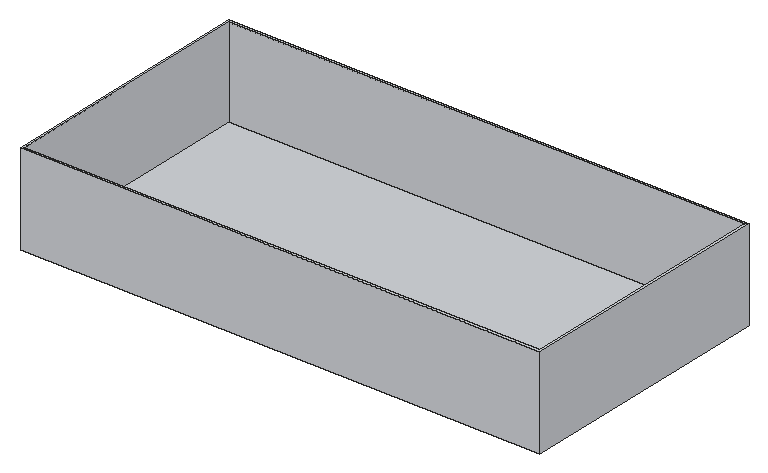
Revit family "Panelboard_600A-800A_Cable_Spreader-empty-UK-en", category Electrical Equipment, host Face, Revit 2020
Family settings
  Host = Face
  Panel Configuration = Two Columns, Circuits Across
  Round Connector Dimension = Use Diameter
  Part Type = Panelboard
  Cut with Voids When Loaded = No
  Shared = No
  Room Calculation Point = No
Parameters (values of type "Surface mounted P2XC W900 H450 D158 0 Modular spacings - JF806E")
  Width Control [instance] = if([HG000006 - Flush mounted], if([EF000846 - Built-in width] > min_whd, [EF000846 - Built-in width], min_whd), if([EF000008 - Width] > min_whd, ([EF000008 - Width]), min_whd))  # 900 mm
  Void Depth [instance] = if([HG000006 - Flush mounted], Depth Control, 1 mm)  # 1 mm
  Type Comments = [HG000003 - Range]  # "Panelboards"
  System Height [instance] = Height Control - 2 * [HG000005 - Thickness]  # 444 mm
  Model = [HG000004 - Manufacturer reference]  # "JF806E"
  HG000017 - Distance between poles = 18 mm
  HG000016 - Door 3d visibility [instance] = yes
  HG000015 - Clearance visibility [instance] = no
  HG000014 - Door on the right [instance] = yes
  HG000013 - Door on the left [instance] = not([HG000014 - Door on the right])  # no
  HG000012 - Door swing angle [instance] = 45.00°
  HG000011 - Empty rows from bottom = no
  HG000005 - Thickness = 3 mm  # constant formula
  Arrow Offset [instance] = Depth Control / 8  # 19.75 mm
  Arrow Height [instance] = Depth Control - Arrow Offset  # 138.25 mm
  Host Offset [instance] = if([HG000006 - Flush mounted], 0 mm, [EF000049 - Depth])  # 158 mm
  min_whd [instance] = (2 * [HG000005 - Thickness]) + 1 mm  # 7 mm
  Manufacturer = "Hager"  # constant formula
  Height Control [instance] = if([HG000006 - Flush mounted], if([EF000332 - Built-in height] > min_whd, [EF000332 - Built-in height], min_whd), if([EF000040 - Height] > min_whd, ([EF000040 - Height]), min_whd))  # 450 mm
  HG000010 - Asymmetric doors = no
  HG000009 - Double swing door = no
  HG000008 - Number of empty rows = 0
  HG000007 - Number of empty columns = 0
  HG000006 - Flush mounted = no
  HG000004 - Manufacturer reference = "JF806E"
  HG000003 - Range = "Panelboards"
  HG000002 - With door or cover = no
  HG000001 - Number of columns = 0
  Flush Mounted - Door Frame Width [instance] = if(([EF000040 - Height] - [EF000332 - Built-in height]) > 0 mm, if([HG000006 - Flush mounted], [EF000040 - Height] - [EF000332 - Built-in height], 0 mm), 0 mm)  # 0 mm
  EF015941 - Signal passing door = no
  EF015777 - Neutral terminal block = no
  EF015776 - Earthing terminal block = no
  EF009212 - Cover model = ""
  EF006306 - With lock = no
  EF006244 - Transparent cover/door = no
  EF005474 - Degree of protection (IP) = "EV009848 - IP2XC"
  EF004462 - Type of closure = "EV001412 - Cylinder"
  EF002950 - Width in number of modular spacings = 0
  EF001596 - Material housing = "EV000179 - Steel"
  EF001134 - DIN-rail = no
  EF001131 - Internal depth = 0 mm
  EF001088 - Extension possible = no
  EF001062 - EMC-version = no
  EF000846 - Built-in width = 0 mm
  EF000339 - Type of cover = "EV004216 - Door"
  EF000332 - Built-in height = 0 mm
  EF000266 - Number of rows = 0
  EF000218 - Built-in depth = 0 mm
  EF000118 - With mounting plate = no
  EF000116 - RAL-number = ""
  EF000049 - Depth = 158 mm
  EF000040 - Height = 450 mm
  EF000008 - Width = 900 mm
  EF000007 - Colour = "EV000154 - Other"
  EF000003 - Mounting method = "EV000384 - Surface mounted (plaster)"
  Depth Control [instance] = if([HG000006 - Flush mounted], if([EF000218 - Built-in depth] > 0 mm, [EF000218 - Built-in depth], 1 mm), if([EF000049 - Depth] > 0 mm, ([EF000049 - Depth]), 1 mm))  # 158 mm
  Default Elevation = 0 mm
Types (2, lengths in mm): name | System Height | Model | Height Control | HG000004 - Manufacturer reference | EF001088 - Extension possible | EF000040 - Height
  Surface mounted P2XC W900 H300 D158 0 Modular spacings - JF805E | 294 | "JF805E" | 300 | "JF805E" | yes | 300
  Surface mounted P2XC W900 H450 D158 0 Modular spacings - JF806E | 444 | "JF806E" | 450 | "JF806E" | no | 450
Reference planes
  plane 1 "Center (Front/Back)": y = 0
  plane 2: z = 0
  plane 3 "Center (Left/Right)": x = 0
  plane 4: z = 158
  plane 5: y = 3
  plane 6: z = 153
  plane 7: y = 225
  plane 8: y = 0
  plane 9: y = 450
  plane 10: z = 0
  plane 11: x = -450
  plane 12: x = 450
  plane 13: x = 447
  plane 14: x = -447
  plane 15: y = 447
  plane 16: z = 3
  plane 17: z = 155
  plane 18: z = -1
  plane 19: z = 155
Forms (mm)
  Extrusion 1, solid
    sketch origin (-583.045, 0, 1219.2) x (-1, 0, 0) y (0, 0, 1)
      loop
        line (-133.045, -1061.2) -> (-1033.045, -1061.2) -> (-1033.045, -1219.2) -> (-133.045, -1219.2) -> (-133.045, -1061.2)
    from 0 to 450 <- "Height Control"
  Extrusion 2, void
    sketch origin (-381.607, -4572, 158) x (0, -1, 0) y (-1, 0, 0)
      loop
        line (-5019, 65.393) -> (-5019, -828.607) -> (-4575, -828.607) -> (-4575, 65.393) -> (-5019, 65.393)
    from 0 to 155
  Extrusion 3, void
    sketch origin (0, 0, 0) x (1, 0, 0) y (0, 1, 0)
      loop
        line (-450, 0) -> (450, 0) -> (450, 450) -> (-450, 450) -> (-450, 0)
    from -1 to 1
  Extrusion 4, solid, detail levels coarse+medium
    sketch origin (-381.607, -4572, 158) x (-1, 0, 0) y (0, -1, 0)
      loop
        line (65.393, -5019) -> (65.393, -4575) -> (-828.607, -4575) -> (-828.607, -5019) -> (65.393, -5019)
    from 0 to -3
Cuts and joins
  Extrusion 2 cuts Extrusion 1
Dimensions and locks
  plane 4 to plane 6 = 5 mm
  "Host Offset": plane 4 to host face
  "Flush Mounted - Door Frame Width": plane 1 "Center (Front/Back)" to plane 8
  "HG000005 - Thickness": plane 5 to plane 8
  locked: connector elem to plane 3 "Center (Left/Right)"
  "Height Control": plane 9 to plane 8
  equal spacing: plane 9, plane 7, plane 8
  locked: connector elem to plane 7
  "Depth Control": plane 4 to plane 10
  "HG000005 - Thickness": plane 11 to plane 14
  "HG000005 - Thickness": plane 12 to plane 13
  equal spacing: plane 11, plane 3 "Center (Left/Right)", plane 12
  "Width Control": plane 11 to plane 12
  "Arrow Offset": nested 4 to plane 10
  "HG000005 - Thickness": plane 9 to plane 15
  "HG000005 - Thickness": plane 16 to plane 10
  "HG000005 - Thickness": plane 4 to plane 17
  "Void Depth": plane 2 to plane 18
  "HG000005 - Thickness": plane 4 to plane 19
  aligned and locked: plane 2 to host face
  aligned and locked: level to host face
  aligned and locked: plane 3 "Center (Left/Right)" to nested 2
  aligned and locked: nested 2 to plane 4
  aligned and locked: nested 2 to plane 8
  aligned and locked: nested 1 to plane 6
  aligned and locked: nested 1 to plane 5
  aligned and locked: nested 4 to plane 11
  aligned and locked: nested 3 to plane 4
  aligned and locked: Extrusion 1 sketch curve to plane 12
  aligned and locked: Extrusion 1 sketch curve to plane 11
  aligned and locked: nested 3 to plane 10
  aligned and locked: plane 10 to Extrusion 1 sketch curve
  aligned and locked: Extrusion 2 sketch curve to plane 5
  aligned and locked: Extrusion 2 sketch curve to plane 15
  aligned and locked: Extrusion 2 sketch curve to plane 14
  aligned and locked: Extrusion 2 sketch curve to plane 13
  aligned and locked: plane 11 to Extrusion 3 sketch curve
  aligned and locked: plane 9 to Extrusion 3 sketch curve
  aligned and locked: Extrusion 3 sketch curve to plane 8
  aligned and locked: plane 12 to Extrusion 3 sketch curve
  aligned and locked: nested 3 to plane 12
  aligned and locked: Extrusion 3 to plane 18
  aligned and locked: Extrusion 2 to plane 16
  aligned and locked: Extrusion 1 sketch curve to plane 4
  aligned and locked: Extrusion 4 to plane 17
  aligned and locked: Extrusion 4 sketch curve to plane 15
  aligned and locked: Extrusion 4 sketch curve to plane 13
  aligned and locked: Extrusion 4 sketch curve to plane 14
  aligned and locked: Extrusion 4 sketch curve to plane 5
Automatic sketch dimensions
  host sketch curve to host sketch curve = 1469.727 mm
  host sketch curve to host sketch curve = 1434.803 mm
Nested families
  nested 1: "Hager_Enclosure_System" at (0, 3, 153) x (1, 0, 0) z (0, 1, 0), Depth <- "HG000005 - Thickness", Height <- "System Height", Width <- "EF000008 - Width", Border <- "HG000005 - Thickness", Flush_Mounted <- "HG000006 - Flush mounted", Built-in_Width <- "EF000846 - Built-in width", Row_Module_Multiplicator <- "EF002950 - Width in number of modular spacings", Total_No_Empty_Rows <- "HG000008 - Number of empty rows", Total_No_Rows <- "EF000266 - Number of rows", Empty_Columns <- "HG000007 - Number of empty columns", Width_Control <- "Width Control", Empty_Rows_From_Bottom <- "HG000011 - Empty rows from bottom", Distance_Between_Poles <- "HG000017 - Distance between poles", Rows_Count <- "EF000266 - Number of rows", Columns_Count <- "HG000001 - Number of columns", type "Hager_Enclosure_System", detail levels fine
    with Width_Control 900 mm, Width 900 mm, Total_No_Rows 0, Total_No_Empty_Rows 0, Total_No_Columns 1, System_Width 894 mm, Rows_Count 0, Rows_Column 0, Row_Module_Multiplicator 0, Panel_4 no, Panel_3 no, Panel_2 no, Panel_1 no, No_Panels_Ctrl 1, Hide_Columns yes, Height 444 mm, Flush_Mounted no, Empty_Rows_From_Bottom no, Empty_Rows_Column 0, Empty_Columns 0, Distance_Between_Poles 18 mm, Depth 3 mm, Columns_Count 0, Column_Width 894 mm, Built-in_Width 0 mm, Border 3 mm
  nested 2: "Hager_Enclosure_Door" at (0, 0, 158) x (1, 0, 0) z (0, 1, 0), Border <- "HG000005 - Thickness", Door_Right <- "HG000014 - Door on the right", Flush_Mounted <- "HG000006 - Flush mounted", Depth <- "EF000049 - Depth", Width <- "EF000008 - Width", Door_Left <- "HG000013 - Door on the left", 3d_Door <- "HG000016 - Door 3d visibility", BuiltIn_Width <- "EF000846 - Built-in width", BuiltIn_Height <- "EF000332 - Built-in height", BuiltIn_Depth <- "EF000218 - Built-in depth", Angle <- "HG000012 - Door swing angle", Assymetrical <- "HG000010 - Asymmetric doors", Double <- "HG000009 - Double swing door", Clearance <- "HG000015 - Clearance visibility", Transparent <- "EF006244 - Transparent cover/door", Door <- "HG000002 - With door or cover", Height_Ctrl <- "Height Control", Width_Ctrl <- "Width Control", Height <- "EF000040 - Height", type "Hager_Enclosure_Door", detail levels medium+fine
    with min_wh 7 mm, Width_Ctrl 900 mm, Width 900 mm, Transparent_Door_No_Bottom_Border no, Transparent no, Leaf_Width 891 mm, Leaf_Tolerance 1.5 mm, Leaf_Height 441 mm, Leaf_2_Width 891 mm, Leaf_2_Offset 445.5 mm, Leaf_1_Width 891 mm, Leaf_1_Offset 445.5 mm, Height_Ctrl 450 mm, Height 450 mm, Frame_Width_Ctrl 900 mm, Frame_Width 900 mm, Frame_Internal_Offset 0 mm, Frame_Height_Ctrl 450 mm, Frame_Height 450 mm, Frame_Depth_Ctrl 1 mm, Frame_Depth 0 mm, Flush_Mounted no, Double_Clearance_Ctrl no, Double no, Door_Right_Ctrl no, Door_Right yes, Door_Left_Ctrl no, Door_Left no, Door no, Depth 158 mm, Clearance_Depth 891 mm, Clearance_Ctrl no, Clearance no, BuiltIn_Width 0 mm, BuiltIn_Height 0 mm, BuiltIn_Depth 0 mm, Border 3 mm, Assymetrical no, Angle 45.00°, 3d_Door yes
  nested 3: "Hager_Enclosure_Symbol_Triangle" at (-450, 0, 0) x (1, 0, 0) z (0, -1, 0), Depth <- "Depth Control", Width <- "Width Control", type "Hager_Enclosure_Symbol_Triangle"
    with Width_Ctrl 900 mm, Width 900 mm, Depth_Ctrl 158 mm, Depth 158 mm
  nested 4: "Hager_Enclosure_Symbol_Arrow" at (-450, 0, 19.75) x (1, 0, 0) z (0, -1, 0), Height <- "Arrow Height", type "Hager_Enclosure_Symbol_Arrow"
    with Width_Inside 10.369 mm, Width 124.425 mm, Height_Ctrl 138.25 mm, Height 138.25 mm
Connectors
  electrical at (0, 225, 0)
    settings: on plane 10, index 1, voltage 0 V, apparent load 0 VA, apparent load phase1 0 VA, apparent load phase2 0 VA, apparent load phase3 0 VA, power factor 1, load classification "Other", number of poles 1, system type 30, power factor state 1, is connector primary yes, connector utility no, sub classification motor no, connector description ""
Definition of nested family "Hager_Enclosure_Door"
  Parameters (values of type "Hager_Enclosure_Door")
    min_wh [instance] = (2 * Border) + 1 mm  # 11 mm
    Width_Ctrl [instance] = 400 mm
    Width [instance] = 500 mm
    Transparent_Door_No_Bottom_Border [instance] = no
    Transparent [instance] = yes
    Leaf_Width [instance] = if((Width_Ctrl - 2 * Border - 2 * Leaf_Tolerance) > 0 mm, (Width_Ctrl - 2 * Border - 2 * Leaf_Tolerance), min_wh)  # 387 mm
    Leaf_Tolerance [instance] = 1.5 mm  # constant formula
    Leaf_Height [instance] = if((Height_Ctrl - 2 * Border - 2 * Leaf_Tolerance) > 0 mm, (Height_Ctrl - 2 * Border - 2 * Leaf_Tolerance), min_wh)  # 387 mm
    Leaf_2_Width [instance] = if(and(and(Double, Assymetrical), Door_Left), (Leaf_Width / 3) - (Leaf_Tolerance / 2), if(and(and(Double, Assymetrical), Door_Right), (Leaf_Width / 3) * 2 - (Leaf_Tolerance / 2), if(and(Double, not(Assymetrical)), (Leaf_Width / 2) - Leaf_Tolerance, Leaf_Width)))  # 387 mm
    Leaf_2_Offset [instance] = if(and(Double, Assymetrical), Leaf_2_Width / 2, if(and(Double, not(Assymetrical)), Leaf_Width / 4, Leaf_Width / 2))  # 193.5 mm
    Leaf_1_Width [instance] = if(and(and(Double, Assymetrical), Door_Right), (Leaf_Width / 3) - (Leaf_Tolerance / 2), if(and(and(Double, Assymetrical), Door_Left), (Width / 3) * 2 - (Leaf_Tolerance / 2), if(and(Double, not(Assymetrical)), (Leaf_Width / 2) - Leaf_Tolerance, Leaf_Width)))  # 387 mm
    Leaf_1_Offset [instance] = if(and(Double, Assymetrical), Leaf_1_Width / 2, if(and(Double, not(Assymetrical)), Leaf_Width / 4, Leaf_Width / 2))  # 193.5 mm
    Height_Ctrl [instance] = 400 mm
    Height [instance] = 500 mm
    Frame_Width_Ctrl [instance] = if(Frame_Width > 0 mm, Frame_Width, 1 mm)  # 1 mm
    Frame_Width [instance] = Width - BuiltIn_Width  # 0 mm
    Frame_Internal_Offset [instance] = if(Flush_Mounted, Border, 0 mm)  # 5 mm
    Frame_Height_Ctrl [instance] = if(Frame_Height > 0 mm, Frame_Height, 1 mm)  # 1 mm
    Frame_Height [instance] = Height - BuiltIn_Height  # 0 mm
    Frame_Depth_Ctrl [instance] = if(Frame_Depth > 0 mm, Frame_Depth, 1 mm)  # 1 mm
    Frame_Depth [instance] = if(Depth - BuiltIn_Depth > 0 mm, if(Flush_Mounted, Depth - BuiltIn_Depth, 0 mm), 0 mm)  # 0 mm
    Flush_Mounted [instance] = yes
    Double_Clearance_Ctrl [instance] = and(Double, Clearance)  # no
    Double [instance] = no
    Door_Right_Ctrl [instance] = and(or(Door_Right, Double), Door)  # yes
    Door_Right [instance] = yes
    Door_Left_Ctrl [instance] = and(or(Door_Left, Double), Door)  # no
    Door_Left [instance] = no
    Door [instance] = yes
    Depth [instance] = 500 mm
    Default Elevation = 1219.2 mm
    Clearance_Material = none
    Clearance_Depth [instance] = if(Leaf_1_Width > Leaf_2_Width, Leaf_1_Width, Leaf_2_Width)  # 387 mm
    Clearance_Ctrl [instance] = and(not(Double), Clearance)  # yes
    Clearance [instance] = yes
    BuiltIn_Width [instance] = 500 mm
    BuiltIn_Height [instance] = 500 mm
    BuiltIn_Depth [instance] = 500 mm
    Border [instance] = 5 mm
    Assymetrical [instance] = yes
    Angle [instance] = 30.00°
    3d_Door [instance] = yes
  Reference planes
    plane 1 "Center (Front/Back)": y = 0
    plane 2 "Bottom": z = 0
    plane 3 "Center (Left/Right)": x = 0
    plane 4: z = 400
    plane 5: x = -200
    plane 6: x = 200
    plane 7: z = 395
    plane 8: x = -195
    plane 9: z = 5
    plane 10: x = 195
    plane 11: y = 0
    plane 12: z = 6.5
    plane 13: x = -582
    plane 14: y = -387
    plane 15: x = 582
    plane 16: x = 0
    plane 17: x = 0
    plane 18: x = -193.5
    plane 19: x = 193.5
    plane 20: z = 393.5
  Forms (mm)
    Extrusion 1, solid, visible <- "Flush_Mounted"
      sketch origin (0, 0, 0) x (1, 0, 0) y (0, 0, 1)
        loop
          line (195, 5) -> (195, 395) -> (-195, 395) -> (-195, 5) -> (195, 5)
        loop
          line (-201, 401) -> (-201, -1) -> (201, -1) -> (201, 401) -> (-201, 401)
      from 0 to 1 <- "Frame_Depth_Ctrl"
    Extrusion 2, solid, material <- "Clearance_Material", visible <- "Double_Clearance_Ctrl"
      sketch origin (1200, 0, 0) x (1, 0, 0) y (0, 0, -1)
        loop
          line (-1782, -393.5) -> (-618, -393.5) -> (-618, 0) -> (-1782, 0) -> (-1782, -393.5)
      from 0 to -387
  Dimensions and locks
    equal spacing: plane 5, plane 3 "Center (Left/Right)", plane 6
    "Width_Ctrl": plane 5 to plane 6
    "Border": plane 5 to plane 8
    "Border": plane 6 to plane 10
    "Border": plane 9 to level
    "Border": plane 4 to plane 7
    "Height_Ctrl": plane 4 to level
    "Leaf_Tolerance": plane 12 to plane 9
    "Frame_Depth": plane 11 to plane 1 "Center (Front/Back)"
    "Frame_Width_Ctrl": plane 5 to Extrusion 1 sketch curve
    "Frame_Width_Ctrl": plane 6 to Extrusion 1 sketch curve
    "Frame_Width_Ctrl": Extrusion 1 sketch curve to plane 4
    "Frame_Width_Ctrl": plane 2 "Bottom" to Extrusion 1 sketch curve
    "Leaf_1_Offset": plane 18 to plane 16
    "Leaf_2_Offset": plane 17 to plane 19
    "Leaf_1_Width": plane 13 to plane 8
    "Leaf_2_Width": plane 10 to plane 15
    "Clearance_Depth": plane 14 to plane 1 "Center (Front/Back)"
    "Leaf_Tolerance": plane 8 to plane 18
    "Leaf_Tolerance": plane 19 to plane 10
    "Leaf_Tolerance": plane 7 to plane 20
    "Frame_Internal_Offset": plane 5 to Extrusion 1 sketch curve
    "Frame_Internal_Offset": Extrusion 1 sketch curve to plane 2 "Bottom"
    "Frame_Internal_Offset": plane 6 to Extrusion 1 sketch curve
    "Frame_Internal_Offset": plane 4 to Extrusion 1 sketch curve
    aligned and locked: level to plane 2 "Bottom"
    aligned and locked: nested 1 to plane 16
    aligned and locked: nested 2 to plane 17
    aligned and locked: Extrusion 2 to plane 13
    aligned and locked: plane 15 to Extrusion 2
    aligned and locked: Extrusion 2 to plane 14
    aligned and locked: plane 12 to nested 1
    aligned and locked: nested 2 to plane 12
    aligned and locked: Extrusion 2 to plane 11
    aligned and locked: plane 20 to Extrusion 2
    aligned and locked: nested 2 to plane 11
    aligned and locked: nested 1 to plane 11
  Automatic sketch dimensions
    Extrusion 2 sketch curve to level = 0 mm
    plane 5 to Extrusion 2 sketch curve = 382 mm
    plane 6 to Extrusion 2 sketch curve = 382 mm
    Extrusion 2 sketch curve to plane 4 = 6.5 mm
  Nested families
    nested 1: "Hager_Enclosure_Door_Leaf" at (0, 0, 6.5), Width <- "Leaf_1_Width", visible <- "Door_Left_Ctrl", Leaf_Height <- "Leaf_Height", Angle <- "Angle", Depth <- "Border", 3d_Door <- "3d_Door", Transparent <- "Transparent", Clearance Material <- "Clearance_Material", Clearance <- "Clearance_Ctrl", Transparent_Door_No_Bottom_Border <- "Transparent_Door_No_Bottom_Border", type "Hager_Enclosure_Door_Leaf"
      with Width 387 mm, Transparent_Door_No_Bottom_Border no, Transparent_Door_Border_Bottom_Top 25 mm, Transparent_Door_Border 25 mm, Transparent_Ctrl yes, Transparent yes, Standard no, Leaf_Height 387 mm, Glass_Offset 1 mm, Depth 5 mm, Clearance Material none, Clearance yes, Angle_Ctrl 30.00°, Angle 30.00°, 3d_Door yes
    nested 2: "Hager_Enclosure_Door_Leaf" at (0, 0, 6.5) x (-1, 0, 0) z (0, 0, 1), Width <- "Leaf_2_Width", visible <- "Door_Right_Ctrl", Leaf_Height <- "Leaf_Height", Angle <- "Angle", Depth <- "Border", 3d_Door <- "3d_Door", Transparent <- "Transparent", Clearance Material <- "Clearance_Material", Clearance <- "Clearance_Ctrl", Transparent_Door_No_Bottom_Border <- "Transparent_Door_No_Bottom_Border", type "Hager_Enclosure_Door_Leaf"
      with Width 387 mm, Transparent_Door_No_Bottom_Border no, Transparent_Door_Border_Bottom_Top 25 mm, Transparent_Door_Border 25 mm, Transparent_Ctrl yes, Transparent yes, Standard no, Leaf_Height 387 mm, Glass_Offset 1 mm, Depth 5 mm, Clearance Material none, Clearance yes, Angle_Ctrl 30.00°, Angle 30.00°, 3d_Door yes
  Definition of nested family "Hager_Enclosure_Door_Leaf"
    Parameters (values of type "Hager_Enclosure_Door_Leaf")
      Width [instance] = 2000 mm
      Transparent_Door_No_Bottom_Border [instance] = yes
      Transparent_Door_Border_Bottom_Top [instance] = if(Transparent_Door_No_Bottom_Border, 0.1 mm, Transparent_Door_Border)  # 0.1 mm
      Transparent_Door_Border [instance] = if(Transparent_Door_No_Bottom_Border, (Width * 0.12), 25 mm)  # 240 mm
      Transparent_Ctrl [instance] = and(Transparent, [3d_Door])  # yes
      Transparent [instance] = yes
      Standard [instance] = and(not(Transparent), [3d_Door])  # no
      Leaf_Height [instance] = 2720.336 mm
      Glass_Offset [instance] = if((Depth - 10 mm) / 2 > 0 mm, (Depth - 10 mm) / 2, 1 mm)  # 15 mm
      Glass_Material = none
      Depth [instance] = 40 mm
      Default Elevation = 0 mm
      Clearance Material [instance] = none
      Clearance [instance] = yes
      Angle_Ctrl [instance] = if(Angle > 170.00°, 170.00°, Angle)  # 45.00°
      Angle [instance] = 45.00°
      3d_Door [instance] = yes
    Reference planes
      plane 1 "Center (Front/Back)": y = 0
      plane 2: z = 0
      plane 3 "Center (Left/Right)": x = 0
      plane 4: y = 2000
      plane 5: x = -1000
      plane 6: x = 1000
      plane 7: x = -3000
      plane 8: z = 2720.336
      plane 9: z = 0.1
      plane 10: z = 2720.236
      plane 11: x = 760
      plane 12: x = -760
    Forms (mm)
      Extrusion 1, solid, material <- "Clearance Material", visible <- "Clearance"
        sketch origin (0, 0, 0) x (1, 0, 0) y (0, 0, 1)
          loop
            line (-3000, 2720.336) -> (-3000, 0) -> (1000, 0) -> (1000, 2720.336) -> (-3000, 2720.336)
        from 0 to -2000
      Extrusion 2, solid, visible <- "Standard", detail levels medium+fine
        sketch origin (-1000, 0, 0) x (0.707107, 0.707107, 0) y (-0.707107, 0.707107, 0)
          loop
            line (0, -40) -> (2000, -40) -> (2000, 0) -> (0, 0) -> (0, -40)
        from 0 to 2720.336 <- "Leaf_Height"
      Extrusion 3, solid, visible <- "Transparent_Ctrl", detail levels medium+fine
        sketch origin (-1000, 0, 0) x (0.707107, 0.707107, 0) y (-0.707107, 0.707107, 0)
          loop
            line (0, -40) -> (2000, -40) -> (2000, 0) -> (0, 0) -> (0, -40)
        from 0 to 2720.336 <- "Leaf_Height"
      Extrusion 4, void, detail levels medium+fine
        sketch origin (-1000, 0, 0) x (-0.707107, 0.707107, 0) y (0.707107, 0.707107, 0)
          loop
            line (0, 240) -> (0, 1760) -> (-40, 1760) -> (-40, 240) -> (0, 240)
        from -2720.236 to -0.1
      Extrusion 5, solid, material <- "Glass_Material", visible <- "Transparent_Ctrl", detail levels medium+fine
        sketch origin (-1000, 0, 0) x (0.707107, 0.707107, 0) y (-0.707107, 0.707107, 0)
          loop
            line (240, -15) -> (240, -25) -> (1760, -25) -> (1760, -15) -> (240, -15)
        from 0.1 to 2720.236
    Cuts and joins
      Extrusion 4 cuts Extrusion 3
    Lines and regions (mm)
      symbolic lines
        curve 1: line (1000, 0, 0) -> (-3000, 0, 0)
        curve 2: arc (1000, 0, 0) -> (-1000, 2000, 0) -> (-3000, 0, 0) r 2000
        curve 4: line (-1000, 0, 0) -> (414.214, 1414.214, 0)
      reference lines
        curve 3: line (-1000, 0, 0) -> (414.214, 1414.214, 0)
      symbolic lines, detail levels medium+fine
        curve 5: line (414.214, 1414.214, 0) -> (442.498, 1385.929, 0)
        curve 6: line (442.498, 1385.929, 0) -> (-971.716, -28.284, 0)
        curve 7: line (-971.716, -28.284, 0) -> (-1000, 0, 0)
        curve 8: line (-1000, 0, 2720.336) -> (1000, 0, 2720.336)
        curve 9: line (-1000, 0, 0) -> (-1000, 0, 2720.336)
        curve 10: line (1000, 0, 0) -> (-1000, 0, 0)
        curve 11: line (1000, 0, 2720.336) -> (1000, 0, 0)
      symbolic lines, visible <- "Transparent_Ctrl", detail levels medium+fine
        curve 12: line (-760, 0, 2720.236) -> (760, 0, 2720.236)
        curve 13: line (-760, 0, 0.1) -> (-760, 0, 2720.236)
        curve 14: line (760, 0, 0.1) -> (-760, 0, 0.1)
        curve 15: line (760, 0, 2720.236) -> (760, 0, 0.1)
    Dimensions and locks
      "Width": plane 1 "Center (Front/Back)" to plane 4
      equal spacing: plane 5, plane 3 "Center (Left/Right)", plane 6
      "Width": plane 5 to plane 6
      "Width": plane 7 to plane 5
      "Leaf_Height": plane 8 to level
      "Depth": curve 6 to curve 3
      "Width": curve 5 to curve 3
      "Width": curve 3 to curve 3
      "Transparent_Door_Border": Extrusion 4 sketch curve to curve 7
      "Transparent_Door_Border": Extrusion 4 sketch curve to curve 5
      "Transparent_Door_Border_Bottom_Top": plane 8 to plane 10
      "Transparent_Door_Border_Bottom_Top": plane 9 to level
      "Glass_Offset": Extrusion 5 sketch curve to curve 4
      "Glass_Offset": Extrusion 5 sketch curve to curve 6
      "Transparent_Door_Border": Extrusion 5 sketch curve to curve 5
      "Transparent_Door_Border": Extrusion 5 sketch curve to curve 7
      "Transparent_Door_Border": plane 12 to plane 5
      "Transparent_Door_Border": plane 6 to plane 11
      "Angle_Ctrl": angle plane 1 "Center (Front/Back)" to curve 3
      aligned and locked: level to plane 2
      aligned and locked: Extrusion 1 to curve 1
      aligned and locked: plane 6 to Extrusion 1
      aligned and locked: Extrusion 1 to plane 1 "Center (Front/Back)"
      aligned and locked: plane 4 to Extrusion 1
      aligned and locked: plane 8 to Extrusion 1
      aligned and locked: curve 4 to curve 3
      aligned and locked: Extrusion 2 sketch curve to curve 7
      aligned and locked: Extrusion 2 sketch curve to curve 6
      aligned and locked: Extrusion 2 sketch curve to curve 5
      aligned and locked: Extrusion 2 sketch curve to curve 3
      aligned and locked: curve 7 to Extrusion 3 sketch curve
      aligned and locked: Extrusion 3 sketch curve to curve 4
      aligned and locked: Extrusion 3 sketch curve to curve 6
      aligned and locked: Extrusion 3 sketch curve to curve 5
      aligned and locked: curve 4 to Extrusion 4 sketch curve
      aligned and locked: curve 6 to Extrusion 4 sketch curve
      aligned and locked: Extrusion 4 to plane 9
      aligned and locked: Extrusion 4 to plane 10
      aligned and locked: Extrusion 5 to plane 9
      aligned and locked: Extrusion 5 to plane 10
      aligned and locked: curve 8 to plane 8
      aligned and locked: plane 5 to curve 9
      aligned and locked: plane 2 to curve 10
      aligned and locked: curve 11 to plane 6
      aligned and locked: plane 10 to curve 12
      aligned and locked: plane 12 to curve 13
      aligned and locked: curve 14 to plane 9
      aligned and locked: plane 11 to curve 15
    Automatic sketch dimensions
      plane 1 "Center (Front/Back)" to curve 2 = 0 mm
      curve 2 to plane 5 = 0 mm
      Extrusion 1 sketch curve to level = 0 mm
      Extrusion 1 sketch curve to plane 7 = 0 mm
      Extrusion 1 sketch curve to plane 6 = 0 mm
      Extrusion 1 sketch curve to plane 8 = 0 mm
      plane 1 "Center (Front/Back)" to curve 3 = 0 mm
      curve 3 to plane 5 = 0 mm
      curve 7 to curve 3 = 0 mm
Definition of nested family "Hager_Enclosure_Symbol_Triangle"
  Parameters (values of type "Hager_Enclosure_Symbol_Triangle")
    Width_Ctrl [instance] = if(Width > 1 mm, Width, 1 mm)  # 498 mm
    Width [instance] = 498 mm
    Depth_Ctrl [instance] = if(Depth > 1 mm, Depth, 1 mm)  # 72 mm
    Depth [instance] = 72 mm
  Reference planes
    plane 1 "Centre (avant/arrière)": y = 0
    plane 2: z = 0
    plane 3 "Centre (gauche/droite)": x = 0
  Lines and regions (mm)
    Filled region 1, type "Solid_Black", in view "Niveau de réf."
      outline origin (0, 0, 0) x (1, 0, 0) y (0, 1, 0)
        loop
          line (0, 0) -> (498, 0) -> (498, 72) -> (0, 0)
    reference lines, in view "Niveau de réf."
      curve 1: line (-206.153, 72, 0) -> (1083.258, 72, 0)
      curve 2: line (498, 405.456, 0) -> (498, -517.619, 0)
  Dimensions and locks
    "Depth_Ctrl": plane 1 "Centre (avant/arrière)" to curve 1
    "Width_Ctrl": plane 3 "Centre (gauche/droite)" to curve 2
    aligned and locked: curve 1 to Filled region 1 sketch curve
    aligned and locked: Filled region 1 sketch curve to plane 1 "Centre (avant/arrière)"
    aligned and locked: curve 2 to Filled region 1 sketch curve
    aligned and locked: plane 3 "Centre (gauche/droite)" to Filled region 1 sketch curve
    aligned and locked: plane 1 "Centre (avant/arrière)" to Filled region 1 sketch curve
  Automatic sketch dimensions
    curve 1 to plane 3 "Centre (gauche/droite)" = 206.153 mm
    curve 2 to curve 1 = 585.258 mm
    plane 1 "Centre (avant/arrière)" to curve 2 = 517.619 mm
    curve 2 to plane 1 "Centre (avant/arrière)" = 405.456 mm
Definition of nested family "Hager_Enclosure_Symbol_Arrow"
  Parameters (values of type "Hager_Enclosure_Symbol_Arrow")
    Width_Inside [instance] = if(Width / 12 > 2 mm, Width / 12, 2 mm)  # 4.987 mm
    Width [instance] = if(Height_Ctrl * 0.9 > 2 mm, Height_Ctrl * 0.9, 2 mm)  # 59.85 mm
    Height_Ctrl [instance] = if(Height > 2 mm, Height, 2 mm)  # 66.5 mm
    Height [instance] = 66.5 mm
  Reference planes
    plane 1 "Centre (avant/arrière)": y = 0
    plane 2: z = 0
    plane 3 "Centre (gauche/droite)": x = 0
    plane 4: x = 59.85
    plane 5: y = 28.263
    plane 6: y = 38.238
    plane 7: y = 66.5
    plane 8: x = 29.925
    plane 9: y = 33.25
  Lines and regions (mm)
    Filled region 1, type "Solid_Black", in view "Niveau de réf."
      outline origin (0, 0, 0) x (1, 0, 0) y (0, 1, 0)
        loop
          line (59.85, 66.5) -> (37.929, 52.827) -> (51.846, 41.935) -> (59.85, 66.5)
    detail lines, in view "Niveau de réf."
      curve 1: line (0, 0, 0) -> (29.925, 38.238, 0)
      curve 2: line (29.925, 38.238, 0) -> (29.925, 28.263, 0)
      curve 3: line (29.925, 28.263, 0) -> (59.85, 66.5, 0)
  Dimensions and locks
    "Width": plane 3 "Centre (gauche/droite)" to plane 4
    "Height_Ctrl": plane 7 to plane 1 "Centre (avant/arrière)"
    equal spacing: plane 3 "Centre (gauche/droite)", plane 8, plane 4
    equal spacing: plane 7, plane 9, plane 1 "Centre (avant/arrière)"
    equal spacing: plane 6, plane 9, plane 5
    "Width_Inside": plane 6 to plane 9
    equal spacing: curve 3, Filled region 1 sketch curve, Filled region 1 sketch curve
    angle Filled region 1 sketch curve to curve 3 = 20.00°
    angle curve 3 to Filled region 1 sketch curve = 20.00°
    locked: curve 3 to Filled region 1 sketch curve (angle 90.00°)
  Automatic sketch dimensions
    plane 1 "Centre (avant/arrière)" to curve 1 = 0 mm
    curve 1 to plane 3 "Centre (gauche/droite)" = 0 mm
    curve 2 to plane 6 = 0 mm
    curve 3 to plane 8 = 0 mm
    curve 3 to plane 4 = 0 mm
    curve 2 to plane 5 = 0 mm
    curve 3 to plane 7 = 0 mm
    Filled region 1 sketch curve to plane 4 = 0 mm
    Filled region 1 sketch curve to plane 7 = 0 mm
